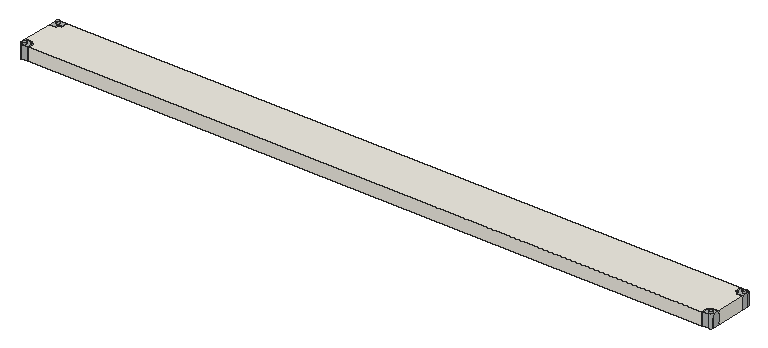
Revit family "HIGHTECH", category Осветительные приборы, Revit 2019 (continued)
Types (32, lengths in mm): name | Файл фотометрической сетки | built-in parameter 1150105 | Lumens | built-in parameter 1150106 | built-in parameter 1150142 | Wattage | Emit from Rectangle Width | Emit from Rectangle Length | Длина | Ширина | ADSK_Ток | ADSK_Полная мощность | ADSK_Обозначение | ADSK_Номинальная мощность | ADSK_Наименование | ADSK_Масса | ADSK_Код изделия
    68.312 1791.854 1713.926 1634.135 1552.777 1470.437 1386.726 1300.368 1212.442 1126.378 1039.530 952.486 865.638 778.692 692.922 607.740 524.225 \r\n443.259 364.938 290.441 220.159 153.013 92.533 38.425 3.823 3.725 3.627 3.529 3.431 3.332 3.332 3.234 3.137 3.039 2.941 2.842 2.744 2.744 2.647 2.549 2.450 2.352 2.254 2.157 2.157 2.059 1.960 1.862 \r\n1.764 1.667 1.569 1.569 1.470 1.372 1.274 1.177 1.078 0.980 0.882 0.882 0.784 0.687 0.588 0.490 0.392 0.294 0.294 0.196 0.098 0.000 \r\n2755.907 2756.200 2750.614 2742.771 2727.088 2708.268 2685.330 2656.610 2624.360 2586.327 2543.295 2497.518 2448.899 2396.360 2339.506 2279.909 2218.644 2152.185 \r\n2084.255 2013.974 1941.731 1867.331 1790.873 1712.946 1633.253 1551.895 1469.457 1385.942 1299.486 1211.658 1125.692 1038.844 951.898 865.050 778.201 692.432 607.348 523.931 \r\n442.964 364.743 290.343 220.061 152.916 92.533 38.425 3.823 3.725 3.627 3.529 3.431 3.332 3.332 3.234 3.137 3.039 2.941 2.842 2.744 2.744 2.647 2.549 2.450 2.352 2.254 2.157 2.157 2.059 1.960 1.862 \r\n1.764 1.667 1.569 1.470 1.470 1.372 1.274 1.177 1.078 0.980 0.882 0.882 0.784 0.687 0.588 0.490 0.392 0.294 0.294 0.196 0.098 0.000 \r\n2755.907 2756.102 2750.516 2742.478 2726.793 2707.875 2684.742 2656.022 2623.674 2585.641 2542.609 2496.833 2448.116 2395.575 2338.624 2279.027 2217.664 2151.205 \r\n2083.275 2012.993 1940.750 1866.351 1789.893 1711.966 1632.273 1550.915 1468.575 1385.060 1298.604 1210.776 1124.908 1038.158 951.211 864.462 777.614 691.942 606.957 523.637 \r\n442.670 364.546 290.147 219.963 152.818 92.435 38.327 3.823 3.725 3.627 3.529 3.431 3.332 3.332 3.234 3.137 3.039 2.941 2.842 2.744 2.744 2.647 2.549 2.450 2.352 2.254 2.157 2.157 2.059 1.960 1.862 \r\n1.764 1.667 1.569 1.470 1.470 1.372 1.274 1.177 1.078 0.980 0.882 0.882 0.784 0.687 0.588 0.490 0.392 0.294 0.294 0.196 0.098 0.000 \r\n2755.907 2756.005 2750.417 2742.183 2726.500 2707.385 2684.252 2655.433 2622.988 2584.955 2541.923 2496.146 2447.331 2394.693 2337.839 2278.144 2216.684 2150.322 \r\n2082.295 2012.013 1939.770 1865.370 1788.913 1710.985 1631.293 1550.032 1467.693 1384.178 1297.624 1209.991 1124.124 1037.472 950.624 863.972 777.123 691.550 606.564 523.245 \r\n442.474 364.350 289.951 219.865 152.719 92.435 38.229 3.823 3.725 3.627 3.529 3.431 3.332 3.332 3.234 3.137 3.039 2.941 2.842 2.744 2.744 2.647 2.549 2.450 2.352 2.254 2.157 2.059 2.059 1.960 1.862 \r\n1.764 1.667 1.569 1.470 1.470 1.372 1.274 1.177 1.078 0.980 0.882 0.882 0.784 0.687 0.588 0.490 0.392 0.294 0.294 0.196 0.098 0.000 \r\n2755.907 2755.808 2750.319 2741.987 2726.108 2706.993 2683.762 2654.845 2622.302 2584.269 2541.237 2495.363 2446.547 2393.811 2336.958 2277.262 2215.704 2149.342 \r\n2081.413 2011.033 1938.692 1864.293 1787.835 1710.005 1630.312 1549.051 1466.713 1383.296 1296.742 1209.208 1123.437 1036.688 949.937 863.383 776.633 691.060 606.172 522.951 \r\n442.180 364.154 289.853 219.767 152.621 92.337 38.229 3.823 3.725 3.627 3.529 3.431 3.332 3.234 3.234 3.137 3.039 2.941 2.842 2.744 2.647 2.647 2.549 2.450 2.352 2.254 2.157 2.059 2.059 1.960 1.862 \r\n1.764 1.667 1.569 1.470 1.470 1.372 1.274 1.177 1.078 0.980 0.882 0.882 0.784 0.687 0.588 0.490 0.392 0.294 0.294 0.196 0.098 0.000 \r\n2755.907 2755.710 2750.124 2741.693 2725.813 2706.601 2683.174 2654.355 2621.616 2583.582 2540.551 2494.676 2445.762 2392.929 2336.076 2276.380 2214.724 2148.362 \r\n2080.432 2010.053 1937.712 1863.313 1786.854 1709.025 1629.332 1548.169 1465.831 1382.413 1295.762 1208.325 1122.654 1036.001 949.349 862.795 776.143 690.667 605.780 522.657 \r\n441.887 363.958 289.657 219.571 152.621 92.240 38.130 3.823 3.725 3.627 3.529 3.431 3.332 3.234 3.234 3.137 3.039 2.941 2.842 2.744 2.647 2.647 2.549 2.450 2.352 2.254 2.157 2.059 2.059 1.960 1.862 \r\n1.764 1.667 1.569 1.470 1.470 1.372 1.274 1.177 1.078 0.980 0.882 0.882 0.784 0.687 0.588 0.490 0.392 0.294 0.294 0.196 0.098 0.000 \r\n2755.907 2755.612 2750.025 2741.399 2725.520 2706.209 2682.683 2653.767 2620.929 2582.897 2539.963 2493.892 2444.979 2392.144 2335.194 2275.498 2213.743 2147.480 \r\n2079.452 2009.170 1936.731 1862.333 1785.874 1708.045 1628.352 1547.189 1464.851 1381.531 1294.879 1207.541 1121.869 1035.315 948.664 862.207 775.555 690.177 605.388 522.363 \r\n441.592 363.762 289.461 219.473 152.523 92.240 38.130 3.823 3.725 3.627 3.529 3.431 3.332 3.234 3.234 3.137 3.039 2.941 2.842 2.744 2.647 2.647 2.549 2.450 2.352 2.254 2.157 2.059 2.059 1.960 1.862 \r\n1.764 1.667 1.569 1.470 1.470 1.372 1.274 1.177 1.078 0.980 0.882 0.882 0.784 0.687 0.588 0.490 0.392 0.294 0.294 0.196 0.098 0.000 \r\n2755.907 2755.515 2749.927 2741.203 2725.226 2705.817 2682.095 2653.178 2620.341 2582.210 2539.276 2493.206 2444.195 2391.262 2334.312 2274.616 2212.763 2146.500 \r\n2078.472 2008.190 1935.751 1861.352 1784.894 1707.065 1627.470 1546.307 1463.968 1380.649 1293.997 1206.757 1121.183 1034.629 947.977 861.619 775.065 689.687 604.996 521.971 \r\n441.396 363.468 289.363 219.375 152.426 92.142 38.033 3.823 3.725 3.627 3.529 3.431 3.332 3.234 3.234 3.137 3.039 2.941 2.842 2.744 2.647 2.647 2.549 2.450 2.352 2.254 2.157 2.059 2.059 1.960 1.862 \r\n1.764 1.667 1.569 1.470 1.470 1.372 1.274 1.177 1.078 0.980 0.882 0.882 0.784 0.687 0.588 0.490 0.392 0.294 0.294 0.196 0.098 0.000 \r\n2755.907 2755.417 2749.829 2740.909 2724.931 2705.327 2681.605 2652.591 2619.655 2581.524 2538.590 2492.422 2443.410 2390.380 2333.429 2273.636 2211.783 2145.519 \r\n2077.492 2007.209 1934.771 1860.371 1783.914 1706.084 1626.490 1545.327 1463.086 1379.865 1293.016 1205.874 1120.398 1033.844 947.389 861.031 774.575 689.295 604.603 521.676 \r\n441.102 363.272 289.167 219.277 152.327 92.142 37.935 3.823 3.725 3.627 3.529 3.431 3.332 3.234 3.234 3.137 3.039 2.941 2.842 2.744 2.647 2.647 2.549 2.450 2.352 2.254 2.157 2.059 2.059 1.960 1.862 \r\n1.764 1.667 1.569 1.470 1.470 1.372 1.274 1.177 1.078 0.980 0.882 0.882 0.784 0.687 0.588 0.490 0.392 0.294 0.294 0.196 0.098 0.000 \r\n2755.907 2755.318 2749.633 2740.615 2724.638 2704.934 2681.115 2652.101 2618.969 2580.838 2537.904 2491.735 2442.626 2389.596 2332.547 2272.753 2210.803 2144.637 \r\n2076.512 2006.229 1933.693 1859.294 1782.934 1705.104 1625.510 1544.445 1462.105 1378.982 1292.134 1205.090 1119.713 1033.159 946.703 860.443 774.085 688.805 604.211 521.383 \r\n440.808 363.076 288.971 219.178 152.229 92.043 37.935 3.725 3.725 3.627 3.529 3.431 3.332 3.234 3.137 3.137 3.039 2.941 2.842 2.744 2.647 2.647 2.549 2.450 2.352 2.254 2.157 2.059 2.059 1.960 1.862 \r\n1.764 1.667 1.569 1.470 1.470 1.372 1.274 1.177 1.078 0.980 0.882 0.882 0.784 0.687 0.588 0.490 0.392 0.294 0.294 0.196 0.098 0.000 \r\n2755.907 2755.122 2749.535 2740.321 2724.343 2704.542 2680.527 2651.513 2618.283 2580.152 2537.218 2491.049 2441.842 2388.714 2331.665 2271.871 2209.823 2143.657 \r\n2075.630 2005.249 1932.712 1858.314 1781.953 1704.124 1624.530 1543.465 1461.223 1378.100 1291.252 1204.307 1118.928 1032.472 946.115 859.953 773.497 688.315 603.820 521.088 \r\n440.513 362.879 288.873 219.081 152.229 92.043 37.837 3.725 3.725 3.627 3.529 3.431 3.332 3.234 3.137 3.137 3.039 2.941 2.842 2.744 2.647 2.549 2.549 2.450 2.352 2.254 2.157 2.059 2.059 1.960 1.862 \r\n1.764 1.667 1.569 1.470 1.470 1.372 1.274 1.177 1.078 0.980 0.882 0.882 0.784 0.687 0.588 0.490 0.392 0.294 0.294 0.196 0.098 0.000 \r\n2755.907 2755.025 2749.437 2740.125 2724.049 2704.151 2680.037 2650.924 2617.597 2579.466 2536.532 2490.265 2441.058 2387.832 2330.783 2270.989 2208.842 2142.677 \r\n2074.650 2004.367 1931.732 1857.333 1780.973 1703.144 1623.549 1542.582 1460.341 1377.218 1290.272 1203.522 1118.144 1031.786 945.428 859.364 773.007 687.923 603.428 520.696 \r\n440.318 362.684 288.677 218.983 152.131 91.945 37.739 3.725 3.725 3.627 3.529 3.431 3.332 3.234 3.137 3.137 3.039 2.941 2.842 2.744 2.647 2.549 2.549 2.450 2.352 2.254 2.157 2.059 1.960 1.960 1.862 \r\n1.764 1.667 1.569 1.470 1.470 1.372 1.274 1.177 1.078 0.980 0.882 0.882 0.784 0.687 0.588 0.490 0.392 0.294 0.294 0.196 0.098 0.000 \r\n2755.907 2754.926 2749.339 2739.831 2723.756 2703.759 2679.546 2650.434 2617.008 2578.780 2535.845 2489.579 2440.274 2386.950 2329.998 2270.107 2207.862 2141.795 \r\n2073.669 2003.387 1930.752 1856.353 1779.993 1702.164 1622.666 1541.602 1459.361 1376.336 1289.390 1202.640 1117.458 1031.002 944.742 858.776 772.517 687.433 603.036 520.403 \r\n440.023 362.488 288.481 218.885 152.033 91.945 37.739 3.725 3.725 3.627 3.529 3.431 3.332 3.234 3.137 3.137 3.039 2.941 2.842 2.744 2.647 2.549 2.549 2.450 2.352 2.254 2.157 2.059 1.960 1.960 1.862 \r\n1.764 1.667 1.569 1.470 1.470 1.372 1.274 1.177 1.078 0.980 0.882 0.882 0.784 0.687 0.588 0.490 0.392 0.294 0.294 0.196 0.098 0.000 \r\n2755.907 2754.828 2749.241 2739.537 2723.363 2703.269 2678.959 2649.846 2616.323 2578.093 2535.160 2488.795 2439.489 2386.165 2329.116 2269.224 2206.882 2140.815 \r\n2072.689 2002.407 1929.772 1855.373 1778.915 1701.183 1621.686 1540.720 1458.479 1375.453 1288.409 1201.856 1116.674 1030.316 944.154 858.188 772.027 687.041 602.643 520.108 \r\n439.730 362.292 288.382 218.786 151.936 91.847 37.640 3.725 3.725 3.627 3.529 3.431 3.332 3.234 3.137 3.137 3.039 2.941 2.842 2.744 2.647 2.549 2.549 2.450 2.352 2.254 2.157 2.059 1.960 1.960 1.862 \r\n1.764 1.667 1.569 1.470 1.372 1.372 1.274 1.177 1.078 0.980 0.882 0.882 0.784 0.687 0.588 0.490 0.392 0.294 0.294 0.196 0.098 0.000 \r\n2755.907 2754.730 2749.045 2739.340 2723.069 2702.877 2678.469 2649.258 2615.636 2577.407 2534.571 2488.108 2438.706 2385.283 2328.234 2268.342 2205.902 2139.835 \r\n2071.709 2001.426 1928.693 1854.295 1777.934 1700.105 1620.706 1539.739 1457.596 1374.571 1287.527 1201.071 1115.889 1029.630 943.468 857.600 771.438 686.551 602.251 519.814 \r\n439.435 362.096 288.187 218.688 151.837 91.750 37.640 3.725 3.627 3.627 3.529 3.431 3.332 3.234 3.137 3.137 3.039 2.941 2.842 2.744 2.647 2.549 2.549 2.450 2.352 2.254 2.157 2.059 1.960 1.960 1.862 \r\n1.764 1.667 1.569 1.470 1.372 1.372 1.274 1.177 1.078 0.980 0.882 0.882 0.784 0.687 0.588 0.490 0.392 0.294 0.294 0.196 0.098 0.000 \r\n2755.907 2754.632 2748.947 2739.047 2722.774 2702.484 2677.979 2648.669 2614.950 2576.721 2533.885 2487.325 2437.921 2384.401 2327.352 2267.460 2204.922 2138.952 \r\n2070.729 2000.446 1927.713 1853.314 1776.954 1699.125 1619.726 1538.857 1456.616 1373.787 1286.645 1200.189 1115.204 1028.943 942.880 857.012 770.948 686.061 601.859 519.422 \r\n439.240 361.899 287.991 218.590 151.837 91.750 37.543 3.725 3.627 3.627 3.529 3.431 3.332 3.234 3.137 3.039 3.039 2.941 2.842 2.744 2.647 2.549 2.549 2.450 2.352 2.254 2.157 2.059 1.960 1.960 1.862 \r\n1.764 1.667 1.569 1.470 1.372 1.372 1.274 1.177 1.078 0.980 0.882 0.882 0.784 0.687 0.588 0.490 0.392 0.294 0.294 0.196 0.098 0.000 \r\n2755.907 2754.436 2748.849 2738.752 2722.481 2702.092 2677.391 2648.179 2614.264 2576.035 2533.199 2486.638 2437.137 2383.616 2326.469 2266.578 2203.941 2137.971 \r\n2069.846 1999.466 1926.733 1852.334 1775.974 1698.145 1618.746 1537.877 1455.734 1372.905 1285.665 1199.405 1114.419 1028.160 942.194 856.424 770.458 685.668 601.467 519.128 \r\n438.945 361.606 287.892 218.493 151.739 91.651 37.445 3.725 3.627 3.627 3.529 3.431 3.332 3.234 3.137 3.039 3.039 2.941 2.842 2.744 2.647 2.549 2.549 2.450 2.352 2.254 2.157 2.059 1.960 1.960 1.862 \r\n1.764 1.667 1.569 1.470 1.372 1.372 1.274 1.177 1.078 0.980 0.882 0.882 0.784 0.687 0.588 0.490 0.392 0.294 0.294 0.196 0.098 0.000 \r\n2755.907 2754.338 2748.751 2738.557 2722.187 2701.700 2676.901 2647.592 2613.676 2575.251 2532.513 2485.854 2436.352 2382.734 2325.587 2265.696 2202.961 2136.991 \r\n2068.866 1998.584 1925.753 1851.354 1774.994 1697.164 1617.864 1536.995 1454.852 1372.023 1284.783 1198.621 1113.635 1027.473 941.606 855.934 769.968 685.178 601.074 518.834 \r\n438.651 361.409 287.697 218.395 151.641 91.651 37.445 3.725 3.627 3.627 3.529 3.431 3.332 3.234 3.137 3.039 3.039 2.941 2.842 2.744 2.647 2.549 2.450 2.450 2.352 2.254 2.157 2.059 1.960 1.960 1.862 \r\n1.764 1.667 1.569 1.470 1.372 1.372 1.274 1.177 1.078 0.980 0.882 0.784 0.784 0.687 0.588 0.490 0.392 0.294 0.294 0.196 0.098 0.000 \r\n2755.907 2754.240 2748.652 2738.262 2721.892 2701.210 2676.410 2647.004 2612.989 2574.564 2531.826 2485.168 2435.569 2381.852 2324.705 2264.813 2201.981 2136.109 \r\n2067.885 1997.604 1924.674 1850.276 1774.014 1696.184 1616.883 1536.015 1453.872 1371.141 1283.901 1197.739 1112.949 1026.788 940.919 855.345 769.380 684.688 600.682 518.539 \r\n438.358 361.214 287.500 218.296 151.543 91.553 37.347 3.725 3.627 3.627 3.529 3.431 3.332 3.234 3.137 3.039 3.039 2.941 2.842 2.744 2.647 2.549 2.450 2.450 2.352 2.254 2.157 2.059 1.960 1.960 1.862 \r\n1.764 1.667 1.569 1.470 1.372 1.372 1.274 1.177 1.078 0.980 0.882 0.784 0.784 0.687 0.588 0.490 0.392 0.294 0.294 0.196 0.098 0.000 \r\n2755.907 2754.142 2748.457 2737.968 2721.599 2700.818 2675.822 2646.415 2612.304 2573.879 2531.141 2484.482 2434.785 2380.970 2323.823 2263.931 2201.001 2135.129 \r\n2066.905 1996.624 1923.694 1849.295 1773.033 1695.204 1615.903 1535.132 1452.990 1370.259 1282.921 1196.954 1112.165 1026.101 940.234 854.757 768.890 684.296 600.291 518.147 \r\n438.161 361.017 287.402 218.100 151.445 91.553 37.248 3.725 3.627 3.529 3.529 3.431 3.332 3.234 3.137 3.039 3.039 2.941 2.842 2.744 2.647 2.549 2.450 2.450 2.352 2.254 2.157 2.059 1.960 1.960 1.862 \r\n1.764 1.667 1.569 1.470 1.372 1.372 1.274 1.177 1.078 0.980 0.882 0.784 0.784 0.687 0.588 0.490 0.392 0.294 0.294 0.196 0.098 0.000 \r\n2755.907 2754.044 2748.359 2737.675 2721.304 2700.425 2675.332 2645.925 2611.617 2573.192 2530.454 2483.697 2434.000 2380.185 2322.940 2263.049 2200.021 2134.149 \r\n2065.925 1995.642 1922.714 1848.315 1772.053 1694.224 1614.923 1534.152 1452.107 1369.377 1282.038 1196.170 1111.380 1025.316 939.645 854.170 768.399 683.806 599.899 517.854 \r\n437.868 360.822 287.207 218.003 151.445 91.455 37.248 3.725 3.627 3.529 3.529 3.431 3.332 3.234 3.137 3.039 3.039 2.941 2.842 2.744 2.647 2.549 2.450 2.450 2.352 2.254 2.157 2.059 1.960 1.862 1.862 \r\n1.764 1.667 1.569 1.470 1.372 1.372 1.274 1.177 1.078 0.980 0.882 0.784 0.784 0.687 0.588 0.490 0.392 0.294 0.294 0.196 0.098 0.000 \r\n2755.907 2753.946 2748.260 2737.478 2720.912 2700.033 2674.744 2645.337 2610.931 2572.507 2529.769 2483.012 2433.216 2379.303 2322.156 2262.167 2199.040 2133.267 \r\n2064.945 1994.662 1921.734 1847.335 1770.975 1693.244 1613.943 1533.270 1451.127 1368.494 1281.058 1195.288 1110.695 1024.631 938.959 853.581 767.909 683.414 599.507 517.559 \r\n437.573 360.625 287.010 217.904 151.347 91.455 37.150 3.725 3.627 3.529 3.529 3.431 3.332 3.234 3.137 3.039 2.941 2.941 2.842 2.744 2.647 2.549 2.450 2.450 2.352 2.254 2.157 2.059 1.960 1.862 1.862 \r\n1.764 1.667 1.569 1.470 1.372 1.372 1.274 1.177 1.078 0.980 0.882 0.784 0.784 0.687 0.588 0.490 0.392 0.294 0.294 0.196 0.098 0.000 \r\n2755.907 2753.750 2748.162 2737.185 2720.619 2699.641 2674.254 2644.748 2610.245 2571.820 2529.180 2482.227 2432.432 2378.421 2321.274 2261.284 2198.060 2132.287 \r\n2064.063 1993.682 1920.754 1846.355 1769.995 1692.262 1612.963 1532.290 1450.245 1367.710 1280.176 1194.504 1109.910 1023.944 938.370 852.993 767.419 682.924 599.114 517.265 \r\n437.279 360.429 286.912 217.806 151.249 91.357 37.150 3.725 3.627 3.529 3.529 3.431 3.332 3.234 3.137 3.039 2.941 2.941 2.842 2.744 2.647 2.549 2.450 2.450 2.352 2.254 2.157 2.059 1.960 1.862 1.862 \r\n1.764 1.667 1.569 1.470 1.372 1.372 1.274 1.177 1.078 0.980 0.882 0.784 0.784 0.687 0.588 0.490 0.392 0.294 0.294 0.196 0.098 0.000 \r\n2755.907 2753.652 2747.967 2736.890 2720.324 2699.151 2673.763 2644.161 2609.657 2571.133 2528.494 2481.542 2431.648 2377.539 2320.392 2260.402 2197.079 2131.307 \r\n2063.083 1992.800 1919.675 1845.276 1769.014 1691.282 1612.081 1531.408 1449.363 1366.828 1279.294 1193.720 1109.126 1023.259 937.685 852.503 766.831 682.434 598.722 516.874 \r\n437.083 360.233 286.717 217.708 151.151 91.260 37.053 3.725 3.627 3.529 3.529 3.431 3.332 3.234 3.137 3.039 2.941 2.941 2.842 2.744 2.647 2.549 2.450 2.450 2.352 2.254 2.157 2.059 1.960 1.862 1.862 \r\n1.764 1.667 1.569 1.470 1.372 1.372 1.274 1.177 1.078 0.980 0.882 0.784 0.784 0.687 0.588 0.490 0.392 0.294 0.294 0.196 0.098 0.000 \r\n2755.907 2753.554
